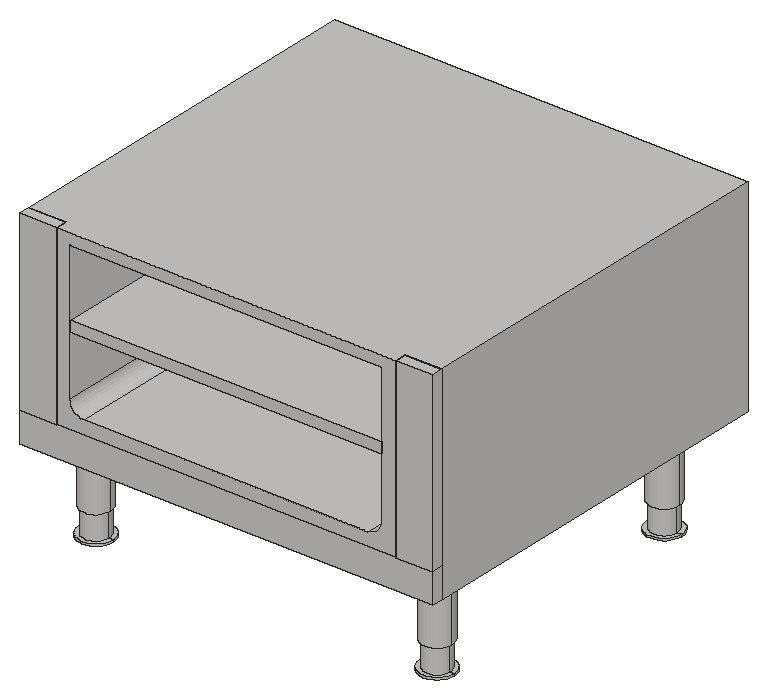
Revit family "QF_ELECTROLUXPROFESSIONAL_589800_MC1GCAIOOM", category Attrezzature speciali, Revit 2021
Family settings
  Quota connettore circolare = Usa diametro
  Tipo di parte = Normale
  Basato su piano di lavoro = No
  Sempre verticale = Sì
  Taglio con vuoti quando caricato = No
  Condiviso = No
  Punto di calcolo locali = No
Parameters (values of type "Standard")
  Weight = 23.00 kg
  Watts = 0 W
  Volts = 0 V
  URL Manufacturer = "https://www.electroluxprofessional.com/"
  URL = "https://www.electroluxprofessional.com/"
  Steam Supply Size = 0"
  Steam Supply Minimum Pressure = 0.00 psi
  Steam Supply Maximum Pressure = 0.00 psi
  Steam Consumption per Hour = 0
  Refrigeration Suction Line Size = 0 mm
  Refrigeration Liquid Line Size = 0 mm
  Refrigerant Compressor Remote = yes
  Prospetto di default = 0 mm
  Phase = 0
  Modello = "MC1GCAIOOM"
  Produttore = "Electrolux Professional"
  Length Actual = 900 mm  # constant formula
  Item Number = "589800"
  Hot Water Size = 0"
  Height Actual = 450 mm  # constant formula
  HP = "0 HP"
  Gas Size = 0"
  Gas KW = 0
  Gas Input Pressure = 0.0 Btu/h
  Direct Waste Size = 0"
  Descrizione = "OPEN BASE,H3,1S,900X900X450 MARINE"
  Depth Actual = 900 mm  # constant formula
  Cycle = 0 Hz
  Condensate Return Size = 0"
  Compressed Air Volume = 0 GPM
  Compressed Air Size = 0"
  Compressed Air Pressure = 0.00 psi
  Cold Water Size = 0"
  Accessory = yes
Reference planes
  plane 1 "BACK": y = 0
  plane 2: z = 0
  plane 3 "LEFT": x = 0
  plane 4 "RIGHT": x = 900
  plane 5 "FRONT": y = -900
  plane 6 "PLAIN": z = 900
  plane 7 "Center (Left/Right)": x = 450
  plane 8 "Center (Front/Back)": y = -450
  plane 9 "TOP": z = 650
  plane 10 "BASE": z = 200
  plane 11: x = 822
  plane 12: x = 78
  plane 13 "Feet_back": y = -150
  plane 14 "Feet_Front": y = -770
  plane 15: x = 80
  plane 16: x = 820
  plane 17: z = 265
  plane 18: y = -20
  plane 19: y = -855
  plane 20: y = -45
  plane 21: y = -880
Forms (mm)
  Extrusion 1, solid, material "QF_Finishes_Stainless Steel"
    sketch origin (0, 0, 650) x (0, 1, 0) y (0, 0, 1)
      loop
        line (-20, -450) -> (-20, 0) -> (-855, 0) -> (-855, -450) -> (-20, -450)
    from 0 to 900
  Extrusion 2, solid, material "QF_Finishes_Stainless Steel"
    sketch origin (0, 0, 650) x (0, 1, 0) y (0, 0, 1)
      loop
        line (-880, -450) -> (-855, -450) -> (-855, -385) -> (-880, -385) -> (-880, -450)
    from 0 to 900
  Extrusion 3, void
    sketch origin (0, -900, 0) x (1, 0, 0) y (0, 0, 1)
      loop
        line (80, 650) -> (80, 265) -> (820, 265) -> (820, 650) -> (80, 650)
    from 0 to -855
  Extrusion 4, solid, material "QF_Finishes_Stainless Steel"
    sketch origin (0, -900, 0) x (1, 0, 0) y (0, 0, 1)
      loop
        line (110, 650) -> (110, 627) -> (790, 627) -> (790, 650) -> (110, 650)
    from -20 to -880
  Extrusion 5, solid, material "QF_Finishes_Stainless Steel"
    sketch origin (0, -900, 0) x (1, 0, 0) y (0, 0, 1)
      loop
        line (80, 650) -> (80, 265) -> (820, 265) -> (820, 650) -> (790, 650) -> (790, 325)
        arc (790, 325) -> (781.213, 303.787) -> (760, 295) r 30
        line (760, 295) -> (140, 295)
        arc (140, 295) -> (118.787, 303.787) -> (110, 325) r 30
        line (110, 325) -> (110, 650) -> (80, 650)
    from -20 to -855
  Extrusion 6, solid, material "QF_Finishes_Stainless Steel"
    sketch origin (0, -900, 0) x (1, 0, 0) y (0, 0, 1)
      loop
        line (0, 650) -> (0, 265) -> (80, 265) -> (80, 650) -> (0, 650)
    from -20 to -45
  Extrusion 7, solid, material "QF_Finishes_Stainless Steel"
    sketch origin (0, -900, 0) x (1, 0, 0) y (0, 0, 1)
      loop
        line (820, 650) -> (820, 265) -> (900, 265) -> (900, 650) -> (820, 650)
    from -20 to -45
  Extrusion 8, solid, material "QF_Finishes_Stainless Steel"
    sketch origin (0, -900, -170) x (1, 0, 0) y (0, 0, 1)
      loop
        line (110, 650) -> (110, 627) -> (790, 627) -> (790, 650) -> (110, 650)
    from -20 to -855
Cuts and joins
  Extrusion 3 cuts Extrusion 1
  joined: Extrusion 1, Extrusion 4, Extrusion 5
Lines and regions (mm)
  symbolic lines, style "SpecialityEquipmentHiddenLines"
    curve 1: line (0, 0, 0) -> (900, 0, 0)
    curve 2: line (0, -900, 0) -> (0, 0, 0)
    curve 3: line (900, -900, 0) -> (0, -900, 0)
    curve 4: line (900, 0, 0) -> (900, -900, 0)
Dimensions and locks
  plane 3 "LEFT" to plane 4 "RIGHT" = 900 mm
  plane 5 "FRONT" to plane 1 "BACK" = 900 mm
  equal spacing: plane 3 "LEFT", plane 7 "Center (Left/Right)", plane 4 "RIGHT"
  equal spacing: plane 5 "FRONT", plane 8 "Center (Front/Back)", plane 1 "BACK"
  plane 6 "PLAIN" to plane 9 "TOP" = 250 mm
  plane 10 "BASE" to level = 200 mm
  plane 9 "TOP" to plane 10 "BASE" = 450 mm
  locked: plane 1 "BACK" to plane 13 "Feet_back" at 150
  locked: plane 14 "Feet_Front" to plane 5 "FRONT" at 130
  locked: plane 12 to plane 3 "LEFT" at 78
  locked: plane 11 to plane 4 "RIGHT" at 78
  plane 16 to plane 15 = 740 mm
  equal spacing: plane 16, plane 7 "Center (Left/Right)", plane 15
  locked: plane 17 to plane 10 "BASE" at 65
  locked: plane 1 "BACK" to plane 18 at 20
  plane 9 "TOP" to Extrusion 4 sketch curve = 23 mm
  locked: Extrusion 4 sketch curve to plane 15 at 30
  locked: plane 16 to Extrusion 4 sketch curve at 30
  locked: Extrusion 5 sketch curve to plane 17 at 30
  plane 6 "PLAIN" to level = 900 mm
  Extrusion 5 to Extrusion 5 = 680 mm
  locked: plane 18 to plane 20 at 25
  locked: plane 21 to plane 5 "FRONT" at 20
  locked: plane 19 to plane 21 at 25
  plane 18 to plane 21 = 860 mm
  aligned and locked: level to plane 2
  aligned and locked: Extrusion 1 to plane 4 "RIGHT"
  aligned and locked: Extrusion 1 to plane 3 "LEFT"
  aligned and locked: Extrusion 2 to plane 4 "RIGHT"
  aligned and locked: plane 9 "TOP" to Extrusion 3 sketch curve
  aligned and locked: Extrusion 3 sketch curve to plane 15
  aligned and locked: plane 16 to Extrusion 3 sketch curve
  aligned and locked: Extrusion 2 to plane 10 "BASE"
  aligned and locked: Extrusion 2 to plane 17
  aligned and locked: plane 17 to Extrusion 3 sketch curve
  aligned and locked: Extrusion 4 to plane 18
  aligned and locked: Extrusion 5 sketch curve to plane 15
  aligned and locked: plane 16 to Extrusion 5 sketch curve
  aligned and locked: plane 9 "TOP" to Extrusion 5 sketch curve  (x2)
  aligned and locked: plane 17 to Extrusion 5 sketch curve
  aligned and locked: Extrusion 5 sketch curve to Extrusion 4  (x2)
  aligned and locked: Extrusion 6 sketch curve to plane 9 "TOP"
  aligned and locked: plane 3 "LEFT" to Extrusion 6 sketch curve
  aligned and locked: Extrusion 6 sketch curve to plane 17
  aligned and locked: Extrusion 6 sketch curve to plane 15
  aligned and locked: Extrusion 7 sketch curve to plane 9 "TOP"
  aligned and locked: plane 16 to Extrusion 7 sketch curve
  aligned and locked: Extrusion 7 sketch curve to plane 17
  aligned and locked: plane 4 "RIGHT" to Extrusion 7 sketch curve
  aligned and locked: Extrusion 5 to plane 20
  aligned and locked: cut or joined group of Extrusion 1, Extrusion 3, Extrusion 4, Extrusion 5 to plane 20
  aligned and locked: cut or joined group of Extrusion 1, Extrusion 3, Extrusion 4, Extrusion 5 to plane 18
  aligned and locked: Extrusion 6 to plane 19
  aligned and locked: plane 21 to Extrusion 6
  aligned and locked: plane 21 to Extrusion 5
  aligned and locked: plane 21 to Extrusion 7
  aligned and locked: Extrusion 7 to plane 19
  aligned and locked: Extrusion 2 to plane 19
  aligned and locked: plane 21 to Extrusion 2
  aligned and locked: plane 21 to cut or joined group of Extrusion 1, Extrusion 3, Extrusion 4, Extrusion 5
  aligned and locked: Extrusion 8 to plane 20
  aligned and locked: plane 12 to nested 3
  aligned and locked: plane 12 to nested 1
  aligned and locked: plane 11 to nested 4
  aligned and locked: plane 11 to nested 2
  aligned and locked: plane 13 "Feet_back" to nested 1
  aligned and locked: plane 13 "Feet_back" to nested 2
  aligned and locked: plane 14 "Feet_Front" to nested 3
  aligned and locked: plane 14 "Feet_Front" to nested 4
Automatic sketch dimensions
  curve 3 to plane 3 "LEFT" = 0 mm
  curve 3 to plane 4 "RIGHT" = 0 mm
  plane 5 "FRONT" to curve 3 = 0 mm
  plane 1 "BACK" to curve 2 = 0 mm
  Extrusion 1 sketch curve to plane 10 "BASE" = 0 mm
  Extrusion 1 sketch curve to plane 19 = 0 mm
  Extrusion 1 sketch curve to plane 18 = 0 mm
  Extrusion 1 sketch curve to plane 9 "TOP" = 0 mm
  plane 17 to Extrusion 2 sketch curve = 0 mm
  Extrusion 2 sketch curve to plane 21 = 0 mm
  Extrusion 2 sketch curve to plane 10 "BASE" = 0 mm
  Extrusion 2 sketch curve to plane 19 = 0 mm
  Extrusion 4 sketch curve to plane 9 "TOP" = 0 mm
  Extrusion 5 sketch curve to Extrusion 5 sketch curve = 30 mm  (x2)
  plane 15 to Extrusion 8 sketch curve = 30 mm
  Extrusion 8 sketch curve to plane 16 = 30 mm
  Extrusion 8 sketch curve to plane 9 "TOP" = 193 mm
  Extrusion 8 sketch curve to Extrusion 8 sketch curve = 23 mm
Nested families
  nested 1: "FEET200_MARINE" at (78, -150, 0), type "FEET200_MARINE"
  nested 2: "FEET200_MARINE" at (822, -150, 0), type "FEET200_MARINE"
  nested 3: "FEET200_MARINE" at (78, -770, 0), type "FEET200_MARINE"
  nested 4: "FEET200_MARINE" at (822, -770, 0), type "FEET200_MARINE"
Definition of nested family "FEET200_MARINE"
  Parameters (values of type "FEET200_MARINE")
    Default Elevation = 0 mm
    FEET = 200 mm
  Reference planes
    plane 1 "Center (Front/Back)": y = 0
    plane 2: z = 0
    plane 3 "Center (Left/Right)": x = 0
    plane 4: z = 200
  Forms (mm)
    Revolve 1, solid
      sketch origin (0, 0, 0) x (1, 0, 0) y (0, 0, 1)
        loop
          line (0, 200) -> (-38, 200) -> (-38, 196) -> (-33, 196) -> (-33, 59) -> (-28, 59) -> (-28, 4) -> (-38, 4) -> (-38, 0) -> (0, 0) -> (0, 200)
        axis (0, 0) -> (0, 200)
      angle from 0 to 360
  Lines and regions (mm)
    symbolic lines
      curve 1: line (0, -1.503, 0) -> (0, 1.508, 0)
      curve 2: line (1.561, 0, 0) -> (-1.439, 0, 0)
  Dimensions and locks
    "FEET": plane 4 to plane 2
    aligned and locked: level to plane 2
  Automatic sketch dimensions
    plane 1 "Center (Front/Back)" to curve 2 = 0 mm
    curve 1 to plane 3 "Center (Left/Right)" = 0 mm
    curve 2 to plane 3 "Center (Left/Right)" = 1.439 mm
    plane 3 "Center (Left/Right)" to curve 2 = 1.561 mm
    plane 1 "Center (Front/Back)" to curve 1 = 1.503 mm
    curve 1 to plane 1 "Center (Front/Back)" = 1.508 mm
    Revolve 1 sketch curve to plane 4 = 0 mm
    Revolve 1 sketch curve to level = 0 mm  (x2)
    Revolve 1 sketch curve to plane 3 "Center (Left/Right)" = 0 mm  (x2)
    Revolve 1 sketch curve to plane 3 "Center (Left/Right)" = 28 mm
    Revolve 1 sketch curve to Revolve 1 sketch curve = 5 mm  (x2)
    level to Revolve 1 sketch curve = 4 mm
    Revolve 1 sketch curve to Revolve 1 sketch curve = 10 mm
    Revolve 1 sketch curve to Revolve 1 sketch curve = 55 mm
    plane 4 to Revolve 1 sketch curve = 40 mm
    Revolve 1 sketch curve to plane 4 = 4 mm
